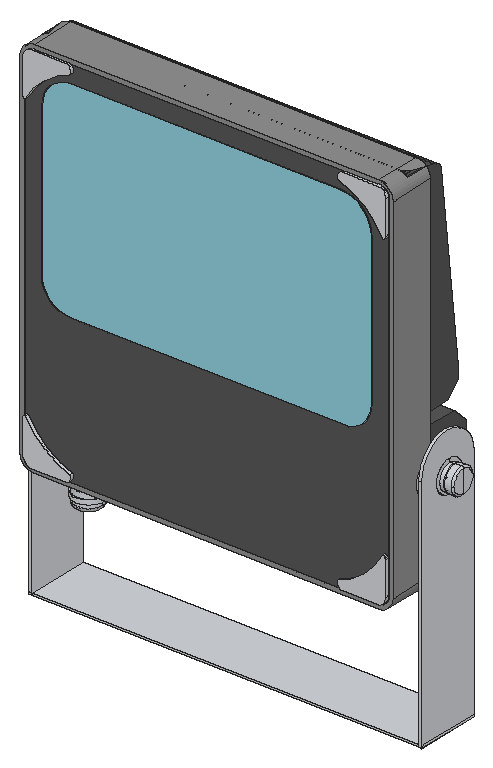
Revit family "Lighting-Floodlights-GEWISS-ELIA-FL-L3-LED_FLOODLIGHTS", category Apparecchi per illuminazione, host Superficie, Revit 2020
Family settings
  Host = Superficie
  Quota connettore circolare = Usa diametro
  Tipo di parte = Normale
  Taglio con vuoti quando caricato = No
  Sorgente d'illuminazione = Sì
  Condiviso = No
  Punto di calcolo locali = Sì
Parameters (values of type "GWF1101RH840 - ELIA FL L3 150W 4000K CRI80 DALI 60°")
  ottica = Default Form
  Wiring = "With power cable"
  Weight (kg): = ""
  Wattage = 9.2903 W
  Warranty = "5 years"
  Visibilità etichetta [instance] = yes
  Visibilità simbolo [instance] = yes
  Visibilità lampada in pianta [instance] = not(Visibilità simbolo)  # no
  Version file RFA = "20.0"
  Variazione temperatura colore lampada con luminosità attenuata = (empty or 0)
  Unique digital code (Datamatrix) = "Currently not present"
  Unified Glare Rating = "ULOR = 0%"
  URL = "https://www.gewiss.com/ww/en"
  Typology: = "Small systems"
  Type of light source = "LED"
  Tilt- = "Rotation on bracket with integrated goniometer"
  built-in parameter 1150107 = 3200 (stored number, unit not read)
  System power = ""
  System  power = "From 100 to 200 W"
  Supply voltage = "220-240 V "
  Stocking temperature = ""
  Standards and approvals = "-"
  Standard- = "EN 60598-1; EN 60598-2-5; IEC/TR 62778; EN 62493"
  Standard Deviation Colour Matching = "SDCM = 5"
  Spostamento_y_eff.Simb [instance] = 4000 mm - Spostamento_y  # 4000 mm
  Spostamento_x_testo [instance] = 0 mm
  Spostamento_x_effettivo_simbolo [instance] = 4000 mm - Spostamento_x  # 4000 mm
  Spostamento_x [instance] = 0 mm
  Spostamento_y_effettivo [instance] = 4000 mm - Spostamento_y  # 4000 mm
  Spostamento_y [instance] = 0 mm
  Spostamento_effe_x_testo [instance] = 4000 mm - Spostamento_x_testo  # 4000 mm
  Spessore lampada = 26.891 mm
  Shock resistance = "IK08"
  Shield type = ""
  STRUTTURA = Struttura
  SEO = "Floodlight"
  Realized by GEWISS S.p.A. = ""
  Rated frequency (Hz) = "50/60 Hz"
  Photobiological Risk Class = "RG1"
  built-in parameter 1150110 = 1 (stored number, unit not read)
  built-in parameter 1150109 = 1 (stored number, unit not read)
  built-in parameter 1114218 = 1 (stored number, unit not read)
  built-in parameter 1150112 = 1 (stored number, unit not read)
  POSIZIONE = 80000  # constant formula
  PLACCAGGIO = none
  Overvoltage protection = "DM 6 kV / CM 10 kV"
  Optic and illuminating features = "-"
  Optic Maintenance = "Non-replaceable"
  Optic : = ""
  Optic = "60°"
  Operating temperature : = "-30°C ÷ +50 °C"
  Mouting and installation = ""
  built-in parameter 1150137 = (empty or 0)
  built-in parameter 1150132 = (empty or 0)
  Maximum surface exposed to the wind : = "0,07 m²"
  Materials = "-"
  Lunghezza_lampada = 600 mm  # constant formula
  built-in parameter 1150131 = 3048 mm
  Luminaire = "LED luminaire with mid and high lumen power"
  Lumen output (lm) = ""
  Lumen output  (lm) = "Up to 25,000 lm"
  Locking Hook = "-"
  Lifetime = ""
  LED Maintenance = "By professional"
  LED = led
  Larghezza_Lampada = 600 mm  # constant formula
  Default Elevation = 1219.2 mm
  Produttore = "GEWISS S.p.A."
  Potenza Lampada [instance] = "330W"
  Model = "GWF1101RH840"
  built-in parameter 1150105 = 4614.1 (stored number, unit not read)
  built-in parameter 1150102 = (empty or 0)
  Insulation class = "I"
  Installationa and maintenance = "-"
  Immagine tipo = (empty or 0)
  built-in parameter 1150106 = 46.141 (stored number, unit not read)
  IPEA = "-"
  IP degree = "IP66"
  IDF = "b9a8b203-7566-4ac4-964b-246ea0f0f5a1"
  Group: = "xyz"
  Glow Wire Test : = "750 °C"
  General information = "-"
  Gasket = "-"
  Lumens = 1380 lm
  Fixing = ""
  Color Filter = 16777215
  built-in parameter 1114217 = 1 (stored number, unit not read)
  built-in parameter 1150139 = (empty or 0)
  FORO_CONTROSOFFITTO = Spessore lampada + 20 mm  # 46.891 mm
  External screw = "Stainless steel"
  Emetti da lunghezza linea = 150 mm
  Eletrical and lighting features = "-"
  Electrocod = "2424"
  Efficiency (lm/W): = "Above 120 lm/W"
  Efficiency (lm/W) = ""
  built-in parameter 1150104 = 13.8 (stored number, unit not read)
  Driver failure rate = ""
  Driver Box = "Built-in"
  Driver = "Built-in"
  Distanza dal host [instance] = 0 mm
  built-in parameter 1150115 = 1 (stored number, unit not read)
  built-in parameter 1150114 = 1 (stored number, unit not read)
  built-in parameter 1150113 = 1 (stored number, unit not read)
  Device with reduced surface temperature = "-"
  Description = "ELIA FL L3 150W 4000K CRI80 DALI 60°"
  DIN 18032-3 certification = "-"
  Cornice = cornice
  Control System = "DALI"
  Context = ""
  Colour temperature = ""
  Colour : = "Powder coating"
  Colour = "Black"
  built-in parameter 1150134 = 3
  built-in parameter 1150138 = (empty or 0)
  Color Rendering Index = "CRI 80"
  Classification: = "-"
  Category: = "Outdoor areas"
  COBie.Tagnumber = ""
  COBie.CreatedOn = ""
  COBie.CreatebBy = ""
  COBie.ComponentRegisterItemID = ""
  COBie.Component.TagNumber = ""
  COBie.Component.Space = ""
  COBie.Component.SerialNumber = ""
  COBie.Component.InstallationDate = ""
  COBie.Component.Description = ""
  COBie.Component.BarCode = ""
  Body = "Die-cast aluminium -"
  Application = "Indoor / Outdoor"
  built-in parameter 1010506 = 1.5708 (stored number, unit not read)
  Tilt Angle = 90.00°
  built-in parameter 1010507 = 1.5708 (stored number, unit not read)
  Lunghezza simbolo sorgente d'illuminazione = 3048 mm
  ----- = "Built-in"
  ---- = "Built-in"
  --- = "Built-in"
  -- = "Built-in"
  - = "Built-in"
Types (8, lengths in mm): name | Variazione temperatura colore lampada con luminosità attenuata | Stocking temperature | Overvoltage protection | Optic | Model | Immagine tipo | Description | Control System
  GWF1100RH830 - ELIA FL L3 150W 3000K CRI80 On/Off 60° | (empty or 0) | "-40° +80°" | "" | "60°" | "GWF1100RH830" | (empty or 0) | "ELIA FL L3 150W 3000K CRI80 On/Off 60°" | "ON / OFF"
  GWF1100RC830 - ELIA FL L3 150W 3000K CRI80 On/Off As. | <Nessuno> | "-40° +80°" | "" | "Asymmetrical" | "GWF1100RC830" | <Nessuno> | "ELIA FL L3 150W 3000K CRI80 On/Off As." | "ON / OFF"
  GWF1100RH840 - ELIA FL L3 150W 4000K CRI80 On/Off 60° | (empty or 0) | "-40° +80°" | "" | "60°" | "GWF1100RH840" | (empty or 0) | "ELIA FL L3 150W 4000K CRI80 On/Off 60°" | "ON / OFF"
  GWF1100RC840 - ELIA FL L3 150W 4000K CRI80 On/Off As. | <Nessuno> | "-40° +80°" | "" | "Asymmetrical" | "GWF1100RC840" | <Nessuno> | "ELIA FL L3 150W 4000K CRI80 On/Off As." | "ON / OFF"
  GWF1101RH840 - ELIA FL L3 150W 4000K CRI80 DALI 60° | (empty or 0) | "" | "DM 6 kV / CM 10 kV" | "60°" | "GWF1101RH840" | (empty or 0) | "ELIA FL L3 150W 4000K CRI80 DALI 60°" | "DALI"
  GWF1101RC840 - ELIA FL L3 150W 4000K CRI80 DALI As. | <Nessuno> | "" | "DM 6 kV / CM 10 kV" | "Asymmetrical" | "GWF1101RC840" | <Nessuno> | "ELIA FL L3 150W 4000K CRI80 DALI As." | "DALI"
  GWF1100RH857 - ELIA FL L3 150W 5700K CRI80 On/Off 60° | (empty or 0) | "-40° +80°" | "" | "60°" | "GWF1100RH857" | (empty or 0) | "ELIA FL L3 150W 5700K CRI80 On/Off 60°" | "ON / OFF"
  GWF1100RC857 - ELIA FL L3 150W 5700K CRI80 On/Off As. | <Nessuno> | "-40° +80°" | "" | "Asymmetrical" | "GWF1100RC857" | <Nessuno> | "ELIA FL L3 150W 5700K CRI80 On/Off As." | "ON / OFF"
Reference planes
  plane 1 "Centro (Fronte/Retro)": y = 0
  plane 2: z = 0
  plane 3 "Centro (Sinistra/Destra)": x = 0
  plane 4: x = -4000
  plane 5 "pf_TESTO": x = 0
  plane 6: z = 1200
  plane 7: y = -4000
  plane 8: y = 0
  plane 9: x = -300
  plane 10: y = -300
  plane 11: x = 300
  plane 12: y = 300
  plane 13: z = -46.891
  plane 14 "PF_SIMBOLO": x = 0
  plane 15: y = 0
Lines and regions (mm)
  symbolic lines, visible <- "Visibilità lampada in pianta"
    curve 1: line (-151.133, 22.35, 0) -> (-151.133, 15.266, 0)
    curve 2: line (-151.133, 15.266, 0) -> (-158.034, 15.266, 0)
    curve 3: line (-158.034, 15.266, 0) -> (-158.034, -30, 0)
    curve 4: line (-158.034, -30, 0) -> (-151.133, -30, 0)
    curve 5: line (-151.133, -30, 0) -> (-151.133, 15.266, 0)
    curve 6: line (-160.193, 4.303, 0) -> (-158.266, 4.303, 0)
    curve 7: line (-160.193, -17.928, 0) -> (-160.193, 4.303, 0)
    curve 8: line (-158.266, -17.928, 0) -> (-160.193, -17.928, 0)
    curve 9: line (-158.266, 4.303, 0) -> (-158.266, -17.928, 0)
    curve 10: line (-160.193, 2.127, 0) -> (-170.066, 2.127, 0)
    curve 11: line (-170.066, 2.127, 0) -> (-170.066, -16.111, 0)
    curve 12: line (-170.066, -16.111, 0) -> (-160.193, -16.111, 0)
    curve 13: line (-151.133, -30, 0) -> (-151.133, -46.325, 0)
    curve 14: line (-151.133, -46.325, 0) -> (109.883, -46.325, 0)
    curve 15: line (109.883, 22.35, 0) -> (109.883, 15.266, 0)
    curve 16: line (109.883, 15.266, 0) -> (116.784, 15.266, 0)
    curve 17: line (116.784, 15.266, 0) -> (116.784, -30, 0)
    curve 18: line (116.784, -30, 0) -> (109.883, -30, 0)
    curve 19: line (109.883, -30, 0) -> (109.883, 22.35, 0)
    curve 20: line (118.943, 4.303, 0) -> (117.016, 4.303, 0)
    curve 21: line (118.943, -17.928, 0) -> (118.943, 4.303, 0)
    curve 22: line (117.016, -17.928, 0) -> (118.943, -17.928, 0)
    curve 23: line (117.016, 4.303, 0) -> (117.016, -17.928, 0)
    curve 24: line (118.943, 2.127, 0) -> (128.816, 2.127, 0)
    curve 25: line (128.816, 2.127, 0) -> (128.816, -16.111, 0)
    curve 26: line (128.816, -16.111, 0) -> (118.943, -16.111, 0)
    curve 27: line (109.883, -30, 0) -> (109.883, -46.325, 0)
    curve 28: line (-151.133, 22.35, 0) -> (109.883, 22.35, 0)
Dimensions and locks
  plane 4 to plane 3 "Centro (Sinistra/Destra)" = 4000 mm
  plane 6 to plane 2 = 1200 mm
  "Spostamento_y_effettivo": plane 8 to plane 7
  plane 1 "Centro (Fronte/Retro)" to plane 7 = 4000 mm
  equal spacing: plane 9, plane 3 "Centro (Sinistra/Destra)", plane 11
  equal spacing: plane 12, plane 1 "Centro (Fronte/Retro)", plane 10
  "FORO_CONTROSOFFITTO": level to plane 13
  "Lunghezza_lampada": plane 9 to plane 11
  "Larghezza_Lampada": plane 12 to plane 10
  "Spostamento_x_effettivo_simbolo": plane 4 to plane 14 "PF_SIMBOLO"
  "Spostamento_effe_x_testo": plane 4 to plane 5 "pf_TESTO"
  "Spostamento_y_eff.Simb": plane 15 to plane 7
  aligned and locked: plane 2 to host face
  aligned and locked: level to host face
  aligned and locked: nested 1 to plane 8
  aligned and locked: plane 5 "pf_TESTO" to nested 1
  aligned and locked: plane 14 "PF_SIMBOLO" to nested 3
  aligned and locked: nested 3 to plane 15
Automatic sketch dimensions
  host sketch curve to host sketch curve = 2438.4 mm  (x2)
  plane 1 "Centro (Fronte/Retro)" to curve 12 = 16.111 mm
  plane 9 to curve 12 = 129.934 mm
  curve 11 to curve 7 = 9.873 mm
  curve 7 to curve 9 = 1.927 mm
  curve 8 to curve 4 = 0.232 mm
  curve 3 to curve 5 = 6.901 mm
  plane 11 to curve 15 = 190.117 mm
  curve 18 to curve 18 = 6.901 mm
  curve 20 to plane 1 "Centro (Fronte/Retro)" = 4.303 mm
  curve 16 to curve 20 = 0.232 mm
  curve 20 to curve 20 = 1.927 mm
  curve 26 to curve 25 = 9.873 mm
  curve 8 to curve 12 = 1.817 mm
  plane 1 "Centro (Fronte/Retro)" to curve 23 = 17.928 mm
  curve 17 to curve 22 = 12.072 mm
  curve 13 to curve 8 = 12.072 mm
  curve 13 to curve 4 = 16.325 mm
  curve 21 to curve 25 = 1.817 mm
  curve 25 to plane 1 "Centro (Fronte/Retro)" = 2.127 mm
  curve 10 to plane 1 "Centro (Fronte/Retro)" = 2.127 mm
  curve 10 to curve 6 = 2.177 mm
  curve 6 to curve 2 = 10.963 mm
  curve 1 to curve 1 = 7.083 mm
  curve 15 to curve 15 = 7.083 mm
Nested families
  nested 1: "Etichetta light" at (0, 0, 0), visible <- "Visibilità etichetta", type "Etichetta light"
  nested 2: "base_ELIA-FL-LED_PROIETTORI-L3" at (-158.034, -14, 0), type "TIPO 1"
  nested 3: "Famiglia1" at (0, 0, 0), visible <- "Visibilità simbolo", type "Famiglia1"
Definition of nested family "base_ELIA-FL-LED_PROIETTORI-L3"
  Parameters (values of type "TIPO 1")
    h_LED = 182.5 mm
    Vetro = none
    Struttura = none
    Schermo led = none
    Default Elevation = 0 mm
    PLACCAGGIO = none
    L_SCHERMO = 257 mm
    H_SCHERMO = 264.757 mm
    H_DA BASE = 88 mm
    Cornice = none
  Reference planes
    plane 1 "Center (Front/Back)": y = 0
    plane 2: z = 0
    plane 3 "Center (Left/Right)": x = 0
    plane 4: x = 2
    plane 5: z = 89.414
    plane 6: z = 92.43
    plane 7: x = 267.013
    plane 8: x = 270.124
    plane 9: z = 357.187
    plane 10: z = 360.202
    plane 11: x = 6.901
    plane 12: x = 10.013
    plane 13: x = 275.257
    plane 14: x = 277.257
    plane 15: z = 1.414
    plane 16: z = 185.47
    plane 17: z = 171.405
    plane 18: z = 153.085
    plane 19: x = -12.032
    plane 20: x = -5.532
    plane 21: x = 21.013
    plane 22: z = 367.34
    plane 23: z = 184.84
    plane 24: x = 295.013
    plane 25: z = 87.47
    plane 26: z = 395.97
    plane 27: z = 198.47
    plane 28: z = 384.72
    plane 29: z = 170.97
    plane 30: through (423.057, -1524, 88.311) normal (0.1965, 0, -0.9805)
    plane 31: y = -34.325
    plane 32: y = -32.325
    plane 33: y = -15.734
    plane 34: y = 29.266
    plane 35: z = 357.187
    plane 36: z = 345.123
  Forms (mm)
    Extrusion 1, solid
      sketch origin (0, 0, 0) x (1, 0, 0) y (0, 0, 1)
        loop
          line (277.257, 1.414) -> (0, 1.414) -> (0, 0) -> (277.257, 0) -> (277.257, 1.414)
      from -29.266 to 16
    Revolve 2, solid
      sketch origin (204.536, 7.187, 32.5) x (-1, 0, 0) y (0, 0, 1)
        loop
          line (204.768, 140.691) -> (204.768, 129.575) -> (210.068, 129.575) -> (210.068, 138.508) -> (206.695, 138.508) -> (206.695, 140.691) -> (204.768, 140.691)
        axis (210.068, 129.575) -> (204.768, 129.575)
      angle from 0 to 360
    Revolve 3, solid
      sketch origin (204.536, 7.187, 32.5) x (-1, 0, 0) y (0, 0, 1)
        loop
          line (210.068, 129.711) -> (216.568, 129.711) -> (216.568, 137.742) -> (215.404, 138.905) -> (210.958, 138.905) -> (210.068, 138.49) -> (210.068, 129.711)
        axis (210.068, 129.711) -> (216.568, 129.711)
      angle from 0 to 360
    Extrusion 4, solid, material <- "Cornice"
      sketch origin (0, 0, 0) x (1, 0, 0) y (0, 0, 1)
        loop
          arc (6.901, 99.191) -> (9.765, 92.278) -> (16.678, 89.414) r 9.777
          line (16.678, 89.414) -> (260.124, 89.414)
          arc (260.124, 89.414) -> (267.195, 92.343) -> (270.124, 99.414) r 10
          line (270.124, 99.414) -> (270.124, 350.202)
          arc (270.124, 350.202) -> (267.195, 357.273) -> (260.124, 360.202) r 10
          line (260.124, 360.202) -> (16.901, 360.202)
          arc (16.901, 360.202) -> (9.83, 357.273) -> (6.901, 350.202) r 10
          line (6.901, 350.202) -> (6.901, 99.191)
        loop
          arc (10.013, 99.53) -> (12.092, 94.509) -> (17.113, 92.43) r 7.101
          line (17.113, 92.43) -> (259.954, 92.43)
          arc (259.954, 92.43) -> (264.945, 94.497) -> (267.013, 99.488) r 7.058
          line (267.013, 99.488) -> (267.013, 351.187)
          arc (267.013, 351.187) -> (265.255, 355.43) -> (261.013, 357.187) r 6
          line (261.013, 357.187) -> (16.013, 357.187)
          arc (16.013, 357.187) -> (11.77, 355.43) -> (10.013, 351.187) r 6
          line (10.013, 351.187) -> (10.013, 99.53)
      from 0 to 32.325
    Extrusion 5, solid, material <- "Schermo led"
      sketch origin (0, 0, 0) x (1, 0, 0) y (0, 0, 1)
        loop
          arc (43.968, 345.123) -> (28.488, 338.711) -> (22.077, 323.232) r 21.891
          line (22.077, 323.232) -> (22.077, 216.423)
          arc (22.077, 216.423) -> (27.876, 202.422) -> (41.877, 196.623) r 19.8
          line (41.877, 196.623) -> (234.777, 196.623)
          arc (234.777, 196.623) -> (248.777, 202.422) -> (254.577, 216.423) r 19.8
          line (254.577, 216.423) -> (254.577, 323.106)
          arc (254.577, 323.106) -> (248.128, 338.674) -> (232.56, 345.123) r 22.017
          line (232.56, 345.123) -> (43.968, 345.123)
      from 0 to 32.325
    Revolve 6, solid
      sketch origin (0, -22.5, 0) x (1, 0, 0) y (0, 0, 1)
        loop
          line (47.268, 89.414) -> (37.268, 89.414) -> (37.268, 85.245) -> (36.185, 85.245) -> (36.185, 82.245) -> (37.268, 82.245) -> (37.268, 79.245)
          arc (37.268, 79.245) -> (38.146, 77.124) -> (40.268, 76.245) r 3
          line (40.268, 76.245) -> (47.268, 76.245) -> (47.268, 89.414)
        axis (47.268, 89.414) -> (47.268, 76.245)
      angle from 0 to 360
    Revolve 7, solid
      sketch origin (0, 0, 32.5) x (1, 0, 0) y (0, 0, 1)
        loop
          line (2, 129.745) -> (6.901, 129.745) -> (6.901, 142.093) -> (5.198, 142.093) -> (5.198, 134.774) -> (2, 134.774) -> (2, 129.745)
        axis (2, 129.745) -> (6.901, 129.745)
      angle from 0 to 360
    Extrusion 8, solid
      sketch origin (0, 0, 0) x (0, 1, 0) y (0, 0, 1)
        loop
          arc (29.266, 168.531) -> (6.766, 191.031) -> (-15.734, 168.531) r 22.5
          line (-15.734, 168.531) -> (-15.734, 0) -> (29.266, 0) -> (29.266, 168.531)
      from 0 to 2
    Extrusion 9, solid
      sketch origin (270.124, 0, 0) x (0, 1, 0) y (0, 0, -1)
        loop
          line (29.266, -168.405) -> (29.266, 0) -> (-16, 0) -> (-16, -168.405)
          arc (-16, -168.405) -> (6.633, -191.038) -> (29.266, -168.405) r 22.633
      from -7.133 to -5.133
    Revolve 10, solid
      sketch origin (110.281, 7.187, 32.5) x (1, 0, 0) y (0, 0, 1)
        loop
          line (165.768, 140.691) -> (165.768, 129.575) -> (171.068, 129.575) -> (171.068, 138.508) -> (167.695, 138.508) -> (167.695, 140.691) -> (165.768, 140.691)
        axis (171.068, 129.575) -> (165.768, 129.575)
      angle from 0 to 360
    Revolve 11, solid
      sketch origin (110.281, 7.187, 32.5) x (1, 0, 0) y (0, 0, 1)
        loop
          line (171.068, 129.711) -> (177.568, 129.711) -> (177.568, 137.742) -> (176.404, 138.905) -> (171.958, 138.905) -> (171.068, 138.49) -> (171.068, 129.711)
        axis (171.068, 129.711) -> (177.568, 129.711)
      angle from 0 to 360
    Revolve 12, solid
      sketch origin (314.816, 0, 32.5) x (-1, 0, 0) y (0, 0, 1)
        loop
          line (39.559, 129.745) -> (45.901, 129.745) -> (45.901, 142.093) -> (44.198, 142.093) -> (44.198, 134.774) -> (39.559, 134.774) -> (39.559, 129.745)
        axis (39.559, 129.745) -> (45.901, 129.745)
      angle from 0 to 360
    Extrusion 13, solid, material <- "Struttura"
      sketch origin (0, 0, 0) x (0, 1, 0) y (0, 0, 1)
        loop
          arc (13.557, 349.4) -> (11.3, 353.534) -> (7.108, 355.681) r 8
          line (7.108, 355.681) -> (-16.325, 359.783) -> (-16.325, 199.679) -> (19.761, 200.939) -> (28.442, 209.619) -> (28.442, 218.783)
          arc (28.442, 218.783) -> (23.861, 284.417) -> (13.557, 349.4) r 751.643
      from 10.013 to 267.013
    Extrusion 14, solid
      sketch origin (-401.25, 0, 464.44) x (1, 0, 0) y (0, 0, 1)
        loop
          arc (445.026, -365.35) -> (426.864, -355.348) -> (413.787, -339.258) r 54.199
          arc (413.787, -339.258) -> (412.259, -339.774) -> (411.608, -341.25) r 2
          line (411.608, -341.25) -> (411.608, -364.893)
          arc (411.608, -364.893) -> (413.47, -369.388) -> (417.966, -371.25) r 6.358
          line (417.966, -371.25) -> (441.608, -371.25)
          arc (441.608, -371.25) -> (445.017, -369.285) -> (445.026, -365.35) r 3.94
      from 32.325 to 34.325
    Extrusion 15, solid, material <- "Struttura"
      sketch origin (0, 0, 0) x (1, 0, 0) y (0, 0, 1)
        loop
          line (261.013, 357.187) -> (16.013, 357.187)
          arc (16.013, 357.187) -> (11.77, 355.43) -> (10.013, 351.187) r 6
          line (10.013, 351.187) -> (10.013, 96.044)
          arc (10.013, 96.044) -> (11.071, 93.488) -> (13.627, 92.43) r 3.614
          line (13.627, 92.43) -> (259.954, 92.43)
          arc (259.954, 92.43) -> (264.945, 94.497) -> (267.013, 99.488) r 7.058
          line (267.013, 99.488) -> (267.013, 351.187)
          arc (267.013, 351.187) -> (265.255, 355.43) -> (261.013, 357.187) r 6
        loop
          line (232.56, 345.123) -> (43.968, 345.123)
          arc (43.968, 345.123) -> (28.488, 338.711) -> (22.077, 323.232) r 21.891
          line (22.077, 323.232) -> (22.077, 216.423)
          arc (22.077, 216.423) -> (27.876, 202.422) -> (41.877, 196.623) r 19.8
          line (41.877, 196.623) -> (234.777, 196.623)
          arc (234.777, 196.623) -> (248.777, 202.422) -> (254.577, 216.423) r 19.8
          line (254.577, 216.423) -> (254.577, 323.106)
          arc (254.577, 323.106) -> (248.128, 338.674) -> (232.56, 345.123) r 22.017
      from 0 to 32.325
    Extrusion 16, solid
      sketch origin (678.052, 0, 464.44) x (-1, 0, 0) y (0, 0, -1)
        loop
          arc (445.026, 365.35) -> (445.017, 369.285) -> (441.608, 371.25) r 3.94
          line (441.608, 371.25) -> (417.966, 371.25)
          arc (417.966, 371.25) -> (413.47, 369.388) -> (411.608, 364.893) r 6.358
          line (411.608, 364.893) -> (411.608, 341.25)
          arc (411.608, 341.25) -> (412.259, 339.774) -> (413.787, 339.258) r 2
          arc (413.787, 339.258) -> (426.864, 355.348) -> (445.026, 365.35) r 54.199
      from 32.325 to 34.325
    Extrusion 17, solid
      sketch origin (-401.25, 0, -13.723) x (1, 0, 0) y (0, 0, 1)
        loop
          arc (445.026, 365.35) -> (445.017, 369.285) -> (441.608, 371.25) r 3.94
          line (441.608, 371.25) -> (417.966, 371.25)
          arc (417.966, 371.25) -> (413.47, 369.388) -> (411.608, 364.893) r 6.358
          line (411.608, 364.893) -> (411.608, 341.25)
          arc (411.608, 341.25) -> (412.259, 339.774) -> (413.787, 339.258) r 2
          arc (413.787, 339.258) -> (426.864, 355.348) -> (445.026, 365.35) r 54.199
      from 32.325 to 34.325
    Extrusion 18, solid
      sketch origin (678.052, 0, -13.723) x (-1, 0, 0) y (0, 0, -1)
        loop
          arc (445.026, -365.35) -> (426.864, -355.348) -> (413.787, -339.258) r 54.199
          arc (413.787, -339.258) -> (412.259, -339.774) -> (411.608, -341.25) r 2
          line (411.608, -341.25) -> (411.608, -364.893)
          arc (411.608, -364.893) -> (413.47, -369.388) -> (417.966, -371.25) r 6.358
          line (417.966, -371.25) -> (441.608, -371.25)
          arc (441.608, -371.25) -> (445.017, -369.285) -> (445.026, -365.35) r 3.94
      from 32.325 to 34.325
    Extrusion 19, void
      sketch origin (0, 0, 0) x (1, 0, 0) y (0, 0, 1)
        loop
          line (14.037, 359.783) -> (10.013, 359.783) -> (10.013, 357.451)
          arc (10.013, 357.451) -> (11.887, 358.854) -> (14.037, 359.783) r 10
        loop
          arc (262.988, 359.783) -> (265.138, 358.854) -> (267.013, 357.451) r 10
          line (267.013, 357.451) -> (267.013, 359.783) -> (262.988, 359.783)
      from 0 to 250
    Extrusion 20, solid, material <- "Struttura"
      sketch origin (0, 0, 0) x (0, 1, 0) y (0, 0, 1)
        loop
          line (25.701, 191.63) -> (-16.325, 192.731) -> (-16.325, 117.821)
          arc (-16.325, 117.821) -> (10.326, 102.528) -> (31.676, 124.627) r 25
          arc (31.676, 124.627) -> (34.126, 152.962) -> (35.436, 181.374) r 708.1
          line (35.436, 181.374) -> (25.701, 191.63)
      from 10.358 to 267.013
  Cuts and joins
    Extrusion 19 cuts Extrusion 4
    Extrusion 19 cuts Extrusion 13
  Dimensions and locks
    locked: plane 3 "Center (Left/Right)" to plane 4 at 2
    locked: plane 6 to plane 5 at 3.015
    locked: plane 7 to plane 8 at 3.111
    locked: plane 10 to plane 9 at 3.015
    locked: plane 11 to plane 12 at 3.111
    locked: plane 4 to plane 11 at 4.901
    "L_SCHERMO": plane 12 to plane 7
    locked: plane 13 to plane 14 at 2
    locked: plane 8 to plane 13 at 5.133
    locked: plane 15 to level at 1.414
    "H_DA BASE": plane 5 to plane 15
    "H_SCHERMO": plane 9 to plane 6
    locked: plane 17 to plane 18 at 18.321
    locked: plane 20 to plane 19 at 6.5
    plane 12 to plane 21 = 11 mm
    "h_LED": plane 22 to plane 23
    plane 23 to plane 6 = 92.41 mm
    plane 25 to level = 87.47 mm
    locked: plane 32 to plane 31 at 2
    locked: plane 34 to plane 33 at 45
    plane 27 to Extrusion 4 = 106.04 mm
    radius of Extrusion 4 sketch curve = 10 mm  (x3)
    radius of Extrusion 4 sketch curve = 6 mm  (x2)
    radius of Extrusion 5 sketch curve = 22.017 mm
    radius of Extrusion 5 sketch curve = 19.8 mm  (x2)
    radius of Extrusion 5 sketch curve = 21.891 mm
    radius of Extrusion 4 sketch curve = 7.058 mm
    radius of Extrusion 4 sketch curve = 7.101 mm
    radius of Extrusion 4 sketch curve = 9.777 mm
    angle plane 25 to plane 30 = 11.3315°
    angle plane 29 to plane 30 = 11.3315°
    aligned and locked: level to plane 2
    aligned and locked: Extrusion 1 sketch curve to plane 15
    aligned and locked: Extrusion 1 sketch curve to level
    aligned and locked: plane 20 to Revolve 2 sketch curve
    aligned and locked: plane 20 to Revolve 3 sketch curve
    aligned and locked: plane 19 to Revolve 3 sketch curve
    aligned and locked: Extrusion 4 sketch curve to plane 11
    aligned and locked: Extrusion 4 sketch curve to plane 12
    aligned and locked: Extrusion 4 sketch curve to plane 9
    aligned and locked: Extrusion 4 sketch curve to plane 10
    aligned and locked: Extrusion 4 sketch curve to plane 8
    aligned and locked: Extrusion 4 sketch curve to plane 7
    aligned and locked: Extrusion 4 sketch curve to plane 5
    aligned and locked: Extrusion 4 sketch curve to plane 6
    aligned and locked: Extrusion 4 to plane 1 "Center (Front/Back)"
    aligned and locked: Revolve 6 sketch curve to plane 5
    aligned and locked: Revolve 7 sketch curve to plane 4
    aligned and locked: Revolve 7 sketch curve to plane 11
    aligned and locked: Extrusion 5 to plane 1 "Center (Front/Back)"
    aligned and locked: level to Extrusion 8 sketch curve
    aligned and locked: Extrusion 1 sketch curve to plane 3 "Center (Left/Right)"
    aligned and locked: Extrusion 8 to plane 4
    aligned and locked: Extrusion 8 to plane 3 "Center (Left/Right)"
    aligned and locked: Extrusion 9 to plane 14
    aligned and locked: Extrusion 9 to plane 13
    aligned and locked: Extrusion 1 sketch curve to Extrusion 9
    aligned and locked: plane 32 to Extrusion 4
    aligned and locked: plane 32 to Extrusion 5
    aligned and locked: Extrusion 8 to plane 34
    aligned and locked: Extrusion 9 to plane 34
    aligned and locked: Revolve 12 to plane 13
    aligned and locked: Extrusion 13 to plane 12
    aligned and locked: Extrusion 13 to plane 7
    aligned and locked: Extrusion 1 to Extrusion 8
    aligned and locked: Extrusion 15 sketch curve to Extrusion 4  (x4)
    aligned and locked: Extrusion 15 sketch curve to Extrusion 5  (x4)
    aligned and locked: plane 32 to Extrusion 15
    aligned and locked: Extrusion 19 sketch curve to Extrusion 4  (x2)
    aligned and locked: Extrusion 19 sketch curve to Extrusion 13
    aligned and locked: Extrusion 13 to Extrusion 19 sketch curve  (x2)
    aligned and locked: Extrusion 20 to Extrusion 15
    aligned and locked: Extrusion 20 to Extrusion 14
  Automatic sketch dimensions
    Revolve 2 sketch curve to plane 20 = 0 mm
    plane 29 to Revolve 2 sketch curve = 0.038 mm
    plane 3 "Center (Left/Right)" to Revolve 2 sketch curve = 2.159 mm
    plane 3 "Center (Left/Right)" to Revolve 2 sketch curve = 0.232 mm
    Revolve 2 sketch curve to plane 29 = 8.895 mm
    Revolve 2 sketch curve to plane 17 = 1.785 mm
    Revolve 2 sketch curve to Revolve 2 sketch curve = 0 mm  (x2)
    Revolve 3 sketch curve to plane 20 = 0 mm
    Revolve 3 sketch curve to plane 17 = 0 mm
    Revolve 3 sketch curve to plane 19 = 0 mm
    plane 20 to Revolve 3 sketch curve = 0.89 mm
    Revolve 3 sketch curve to plane 19 = 1.163 mm
    plane 29 to Revolve 3 sketch curve = 0.02 mm
    Revolve 3 sketch curve to plane 29 = 0.728 mm
    Revolve 3 sketch curve to Revolve 3 sketch curve = 8.031 mm
    Revolve 3 sketch curve to Revolve 3 sketch curve = 0 mm
    Extrusion 5 sketch curve to plane 36 = 0 mm
    Extrusion 5 sketch curve to plane 21 = 1.064 mm
    plane 27 to Extrusion 5 sketch curve = 1.847 mm
    Extrusion 5 sketch curve to plane 21 = 20.864 mm
    Extrusion 5 sketch curve to Extrusion 5 sketch curve = 21.891 mm
    plane 7 to Extrusion 5 sketch curve = 34.453 mm
    plane 7 to Extrusion 5 sketch curve = 32.236 mm
    plane 7 to Extrusion 5 sketch curve = 12.436 mm
    Revolve 6 sketch curve to plane 5 = 0 mm
    plane 25 to Revolve 6 sketch curve = 5.225 mm
    Revolve 6 sketch curve to plane 21 = 15.172 mm
    Revolve 6 sketch curve to Revolve 6 sketch curve = 1.083 mm  (x2)
    Revolve 6 sketch curve to Revolve 6 sketch curve = 3 mm  (x2)
    Revolve 6 sketch curve to Revolve 6 sketch curve = 7 mm
    plane 25 to Revolve 6 sketch curve = 2.225 mm
    Revolve 6 sketch curve to Revolve 6 sketch curve = 0 mm  (x2)
    plane 4 to Revolve 7 sketch curve = 0 mm
    plane 11 to Revolve 7 sketch curve = 0 mm
    plane 11 to Revolve 7 sketch curve = 1.703 mm
    plane 29 to Revolve 7 sketch curve = 8.725 mm
    plane 29 to Revolve 7 sketch curve = 3.696 mm
    plane 17 to Revolve 7 sketch curve = 3.187 mm
    Revolve 7 sketch curve to Revolve 7 sketch curve = 0 mm
    Extrusion 8 sketch curve to plane 33 = 0 mm
    Extrusion 8 sketch curve to plane 34 = 0 mm
    plane 29 to Extrusion 8 sketch curve = 2.439 mm
    Extrusion 9 sketch curve to level = 0 mm
    Extrusion 9 sketch curve to plane 34 = 0 mm
    plane 29 to Extrusion 9 sketch curve = 2.565 mm
    Extrusion 9 sketch curve to plane 1 "Center (Front/Back)" = 6.633 mm
    Revolve 10 sketch curve to plane 13 = 0.791 mm
    Revolve 10 sketch curve to plane 14 = 0.718 mm
    Revolve 10 sketch curve to plane 14 = 4.091 mm
    plane 29 to Revolve 10 sketch curve = 8.895 mm
    Revolve 10 sketch curve to plane 29 = 0.038 mm
    plane 17 to Revolve 10 sketch curve = 1.785 mm
    Revolve 10 sketch curve to Revolve 10 sketch curve = 0 mm  (x3)
    Revolve 11 sketch curve to plane 17 = 0 mm
    Revolve 11 sketch curve to plane 14 = 4.091 mm
    Revolve 11 sketch curve to Revolve 11 sketch curve = 0.89 mm
    Revolve 11 sketch curve to Revolve 11 sketch curve = 4.447 mm
    plane 29 to Revolve 11 sketch curve = 0.728 mm
    Revolve 11 sketch curve to Revolve 11 sketch curve = 1.163 mm
    Revolve 11 sketch curve to Revolve 11 sketch curve = 8.031 mm
    Revolve 11 sketch curve to plane 29 = 0.02 mm
    Revolve 11 sketch curve to Revolve 11 sketch curve = 0 mm  (x3)
    Revolve 12 sketch curve to plane 13 = 0 mm
    plane 8 to Revolve 12 sketch curve = 0.494 mm
    Revolve 12 sketch curve to plane 8 = 1.209 mm
    Revolve 12 sketch curve to plane 29 = 8.725 mm
    Revolve 12 sketch curve to plane 29 = 3.696 mm
    Revolve 12 sketch curve to plane 17 = 3.187 mm
    Revolve 12 sketch curve to Revolve 12 sketch curve = 1.441 mm
    Revolve 12 sketch curve to Revolve 12 sketch curve = 0 mm  (x2)
    plane 12 to Extrusion 14 sketch curve = 0.346 mm
    Extrusion 14 sketch curve to Extrusion 14 sketch curve = 2 mm
    Extrusion 14 sketch curve to plane 6 = 0.76 mm
    Extrusion 14 sketch curve to plane 21 = 4.297 mm
    plane 21 to Extrusion 14 sketch curve = 19.346 mm
    plane 18 to Extrusion 14 sketch curve = 2.395 mm
    plane 21 to Extrusion 14 sketch curve = 39.346 mm
    Extrusion 14 sketch curve to Extrusion 14 sketch curve = 23.642 mm
    Extrusion 14 sketch curve to Extrusion 14 sketch curve = 3.94 mm
    Extrusion 14 sketch curve to Extrusion 14 sketch curve = 0.179 mm
    plane 6 to Extrusion 15 sketch curve = 3.614 mm
    plane 7 to Extrusion 16 sketch curve = 0.569 mm
    Extrusion 16 sketch curve to Extrusion 16 sketch curve = 2 mm
    plane 6 to Extrusion 16 sketch curve = 0.76 mm
    plane 7 to Extrusion 16 sketch curve = 6.927 mm
    Extrusion 16 sketch curve to Extrusion 16 sketch curve = 23.642 mm  (x2)
    Extrusion 16 sketch curve to plane 18 = 2.395 mm
    plane 7 to Extrusion 16 sketch curve = 50.569 mm
    Extrusion 16 sketch curve to Extrusion 16 sketch curve = 3.94 mm
    Extrusion 16 sketch curve to Extrusion 16 sketch curve = 0.179 mm
    Extrusion 17 sketch curve to plane 12 = 0.346 mm
    Extrusion 17 sketch curve to Extrusion 17 sketch curve = 2 mm
    plane 9 to Extrusion 17 sketch curve = 0.341 mm
    plane 21 to Extrusion 17 sketch curve = 4.297 mm
    Extrusion 17 sketch curve to plane 21 = 19.346 mm
    Extrusion 17 sketch curve to plane 21 = 39.346 mm
    plane 36 to Extrusion 17 sketch curve = 17.595 mm
    plane 36 to Extrusion 17 sketch curve = 45.095 mm
    Extrusion 17 sketch curve to plane 9 = 3.599 mm
    Extrusion 17 sketch curve to Extrusion 17 sketch curve = 0.179 mm
    Extrusion 18 sketch curve to plane 7 = 0.569 mm
    Extrusion 18 sketch curve to Extrusion 18 sketch curve = 2 mm
    Extrusion 18 sketch curve to plane 9 = 0.341 mm
    Extrusion 18 sketch curve to plane 7 = 6.927 mm
    Extrusion 18 sketch curve to Extrusion 18 sketch curve = 23.642 mm
    Extrusion 18 sketch curve to plane 7 = 50.569 mm
    Extrusion 18 sketch curve to plane 36 = 17.595 mm
    Extrusion 18 sketch curve to plane 36 = 45.095 mm
    plane 9 to Extrusion 18 sketch curve = 3.599 mm
    Extrusion 18 sketch curve to Extrusion 18 sketch curve = 0.179 mm
    Extrusion 19 sketch curve to plane 10 = 0.419 mm
    Extrusion 13 sketch curve to plane 27 = 0.846 mm
    plane 31 to Extrusion 13 sketch curve = 688.624 mm
    plane 33 to Extrusion 13 sketch curve = 0.591 mm
    Extrusion 13 sketch curve to plane 36 = 2.68 mm
    Extrusion 13 sketch curve to plane 1 "Center (Front/Back)" = 5.718 mm
    Extrusion 13 sketch curve to plane 9 = 1.506 mm
    Extrusion 13 sketch curve to plane 1 "Center (Front/Back)" = 7.108 mm
    Extrusion 13 sketch curve to plane 27 = 2.469 mm
    plane 34 to Extrusion 13 sketch curve = 9.506 mm
    plane 34 to Extrusion 13 sketch curve = 0.825 mm
    Extrusion 13 sketch curve to plane 27 = 1.209 mm
    Extrusion 13 sketch curve to plane 27 = 11.149 mm
    Extrusion 13 sketch curve to Extrusion 13 sketch curve = 9.163 mm
    Extrusion 13 sketch curve to plane 10 = 0.419 mm
    Extrusion 20 sketch curve to plane 27 = 1.313 mm
    plane 31 to Extrusion 20 sketch curve = 638.1 mm
    plane 33 to Extrusion 20 sketch curve = 0.591 mm
    Extrusion 20 sketch curve to plane 1 "Center (Front/Back)" = 6.817 mm
    plane 34 to Extrusion 20 sketch curve = 3.565 mm
    Extrusion 20 sketch curve to plane 34 = 6.17 mm
    plane 27 to Extrusion 20 sketch curve = 5.739 mm
    plane 16 to Extrusion 20 sketch curve = 6.16 mm
    plane 23 to Extrusion 20 sketch curve = 3.466 mm
    Extrusion 20 sketch curve to plane 18 = 25.805 mm
    Extrusion 20 sketch curve to Extrusion 20 sketch curve = 9.459 mm
Definition of nested family "Etichetta light"
  Parameters (values of type "ETICHETTA LIGHT")
    COMMENTI = "330W"
  Reference planes
    plane 1: y = 0
    plane 2: x = 0
  Text (mm)
    label "COMMENTI" at (-0.057, 0.105, 0), shows "COMMENTI"
Definition of nested family "Famiglia1"
  Reference planes
    plane 1: y = 0
    plane 2: x = 0
  Lines and regions (mm)
    detail lines
      curve 1: arc (0.876, -1.172, 0) -> (1.155, 0.093, 0) -> (0.876, 1.358, 0) r 3.002
      curve 2: arc (-0.177, -0.851, 0) -> (0.33, -1.075, 0) -> (0.876, -1.172, 0) r 2.292
      curve 3: arc (-0.177, 1.037, 0) -> (-0.664, 0.093, 0) -> (-0.177, -0.851, 0) r 1.158
      curve 4: arc (0.876, 1.358, 0) -> (0.33, 1.262, 0) -> (-0.177, 1.037, 0) r 2.292
      curve 5: line (-0.177, -0.851, 0) -> (0.876, 1.358, 0)
      curve 6: line (0.876, 1.358, 0) -> (0.876, -1.172, 0)
      curve 7: line (0.876, -1.172, 0) -> (-0.177, 1.037, 0)
